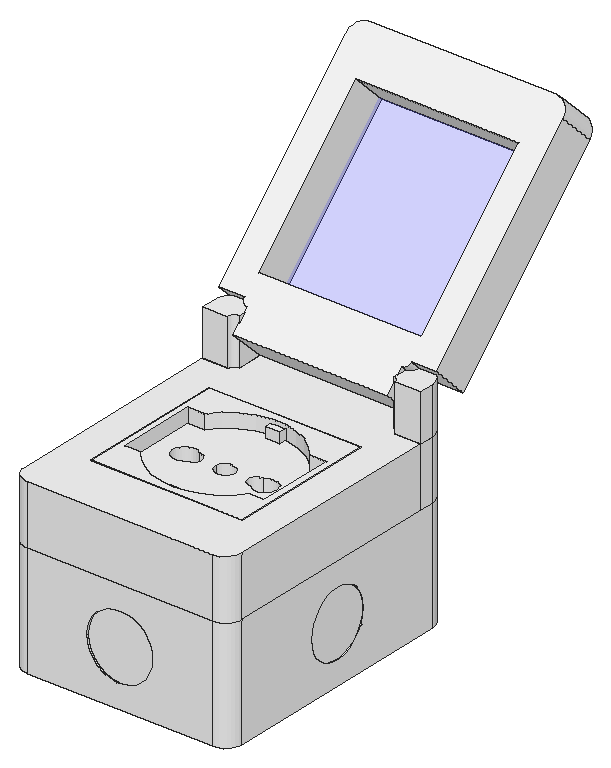
Revit family "Domotics-DomesticRanges-GEWISS-27COMBI_SYSTEM-IP55_SOCKET-OUTLET_ITA_DEU", category Apparecchi elettrici, host Superficie, Revit 2016 (continued)
Definition of nested family "SYSTEM CONTENITORI IP55 COMPL PRESE ITAGER_BASE"
  Automatic sketch dimensions
    plane 13 to Masking region 2 sketch curve = 0.996 mm  (x2)
    plane 7 to Masking region 2 sketch curve = 6.753 mm
    Masking region 2 sketch curve to plane 12 = 0.996 mm
    Masking region 2 sketch curve to Masking region 2 sketch curve = 2 mm  (x3)
    Masking region 2 sketch curve to plane 13 = 1.004 mm
    Masking region 2 sketch curve to Masking region 2 sketch curve = 0 mm
    plane 12 to Masking region 2 sketch curve = 1.004 mm
    plane 4 to Masking region 2 sketch curve = 5 mm
    Masking region 2 sketch curve to plane 3 "Centro (Sinistra/Destra)" = 23 mm
    plane 3 "Centro (Sinistra/Destra)" to Masking region 2 sketch curve = 23 mm
    Masking region 2 sketch curve to plane 5 = 5 mm
    Masking region 3 sketch curve to Masking region 3 sketch curve = 0 mm  (x12)
    Masking region 3 sketch curve to plane 6 "1" = 0 mm  (x2)
    Masking region 3 sketch curve to plane 4 = 0 mm
    Masking region 3 sketch curve to plane 5 = 0 mm
    Masking region 3 sketch curve to plane 6 "1" = 5 mm
    Masking region 3 sketch curve to plane 5 = 5 mm
    Masking region 3 sketch curve to plane 12 = 0.414 mm
    Masking region 3 sketch curve to Masking region 3 sketch curve = 2.585 mm  (x2)
    plane 13 to Masking region 3 sketch curve = 0.414 mm
    Masking region 3 sketch curve to Masking region 3 sketch curve = 0.587 mm
    Masking region 3 sketch curve to Masking region 3 sketch curve = 1.303 mm
    Masking region 3 sketch curve to Masking region 3 sketch curve = 4.475 mm
    Masking region 3 sketch curve to plane 14 = 3.357 mm
    Masking region 3 sketch curve to Masking region 3 sketch curve = 2 mm
    radius of Extrusion 12 sketch curve = 16 mm
    radius of Extrusion 13 sketch curve = 13 mm
    radius of Extrusion 14 sketch curve = 10 mm
    radius of Extrusion 15 sketch curve = 3 mm
    radius of Extrusion 17 sketch curve = 10 mm
    radius of Extrusion 18 sketch curve = 10 mm
    radius of Extrusion 19 sketch curve = 11.5 mm
    radius of Extrusion 20 sketch curve = 10 mm
    radius of curve 103 = 2.942 mm
    radius of Masking region 1 sketch curve = 2 mm  (x2)
    radius of Masking region 2 sketch curve = 2 mm  (x2)
    radius of Masking region 3 sketch curve = 2 mm
Definition of nested family "SYSTEM PRESE ITAGER P17-30 16A_BASE"
  Parameters (values of type "GW20246 - PRESA 2P+T 16A BIV.ST.ITALIANO/TED.SY/WT")
    Struttura = none
    Pulsante = none
    Profondità supporto = 28.04 mm
    Profondità presa = 36.7 mm
    Larghezza presa = 46 mm
    Distanza simbolo = 30 mm
    Bidimensionale = 44.7 mm
    Altezza simbolo = 30 mm
    Altezza presa = 45 mm
  Types (4): name
    GW20246 - PRESA 2P+T 16A BIV.ST.ITALIANO/TED.SY/WT
    GW20296 - PRESA 2P+T 16A BIV.ST.ITALIANO/TED.RED
    GW20282 - PRESA 2P+T 16A BIV.ST.ITALIANO/TED.GREEN
    GW20287 - PRESA 2P+T 16A BIV.ST.ITALIANO/TED.ORANGE
  Reference planes
    plane 1 "Centro (Fronte/Retro)": y = 0
    plane 2: z = 0
    plane 3 "Centro (Sinistra/Destra)": x = 0
    plane 4: x = -23
    plane 5: x = 23
    plane 6: y = 22.5
    plane 7: y = -22.5
    plane 8 "PIANO BIDIMENSIONALE": z = 44.7
    plane 9: z = 28.04
    plane 10: z = 36.7
    plane 11: z = 32.37
  Forms (mm)
    Extrusion 1, solid, material <- "Struttura", detail levels medium+fine
      sketch origin (0, 0, 0) x (0, 1, 0) y (0, 0, 1)
        loop
          line (22.5, 0.5) -> (22.5, 28.04) -> (-22.5, 28.04) -> (-22.5, 0.5)
          arc (-22.5, 0.5) -> (-22.354, 0.146) -> (-22, 0) r 0.5
          line (-22, 0) -> (22, 0)
          arc (22, 0) -> (22.354, 0.146) -> (22.5, 0.5) r 0.5
      from -23 to 23
    Extrusion 2, solid, material <- "Pulsante", detail levels medium+fine
      sketch origin (0, 0, 0) x (0, 1, 0) y (0, 0, 1)
        loop
          line (-22.5, 28.04) -> (22.5, 28.04) -> (22.5, 32.37) -> (-22.5, 32.37) -> (-22.5, 28.04)
      from -23 to 23
    Extrusion 3, void, detail levels medium+fine
      sketch origin (0, 0, 44.7) x (-1, 0, 0) y (0, -1, 0)
        loop
          arc (9.662, 2.712) -> (7.04, 0.143) -> (9.805, -2.27) r 2.5
          arc (9.805, -2.27) -> (15.774, 0.395) -> (9.662, 2.712) r 3.536
        loop
          circle (-0.006, 0.137) r 2.942
        loop
          arc (-9.805, -2.27) -> (-7.04, 0.143) -> (-9.662, 2.712) r 2.5
          arc (-9.662, 2.712) -> (-15.774, 0.395) -> (-9.805, -2.27) r 3.536
      from -16.66 to -12.33
    Extrusion 4, solid, material <- "Pulsante", detail levels medium+fine
      sketch origin (0, 0, 44.7) x (-1, 0, 0) y (0, -1, 0)
        loop
          line (23, -22.5) -> (23, 22.5) -> (-23, 22.5) -> (-23, -22.5) -> (23, -22.5)
        loop
          arc (16.493, 11.913) -> (0, 20.345) -> (-16.493, 11.913) r 20.345
          line (-16.493, 11.913) -> (-20.961, 11.913) -> (-20.961, -11.913) -> (-16.013, -11.913)
          arc (-16.013, -11.913) -> (0, -19.959) -> (16.013, -11.913) r 19.959
          line (16.013, -11.913) -> (20.961, -11.913) -> (20.961, 11.913) -> (16.493, 11.913)
      from -12.33 to -8
    Extrusion 5, solid, material <- "Pulsante", detail levels medium+fine
      sketch origin (0, 0, 44.7) x (-1, 0, 0) y (0, -1, 0)
        loop
          line (-2.211, -17.826) -> (-2.211, -19.836)
          arc (-2.211, -19.836) -> (0, -19.959) -> (2.211, -19.836) r 19.959
          line (2.211, -19.836) -> (2.211, -17.826) -> (-2.211, -17.826)
        loop
          arc (2.211, 20.225) -> (0, 20.345) -> (-2.211, 20.225) r 20.345
          line (-2.211, 20.225) -> (-2.211, 18.215) -> (2.211, 18.215) -> (2.211, 20.225)
      from -12.33 to -9.263
  Cuts and joins
    Extrusion 3 cuts Extrusion 2
    joined: Extrusion 2, Extrusion 4, Extrusion 5
  Lines and regions (mm)
    model lines, not visible, detail levels coarse
      curve 1: line (-23, 22.5, -20.04) -> (23, 22.5, -20.04)
      curve 2: line (-23, -22.5, -20.04) -> (-23, 22.5, -20.04)
      curve 3: line (23, -22.5, -20.04) -> (-23, -22.5, -20.04)
      curve 4: line (23, 22.5, -20.04) -> (23, -22.5, -20.04)
      curve 5: line (20.961, -11.913, -20.04) -> (20.961, 11.913, -20.04)
      curve 6: line (20.961, 11.913, -20.04) -> (16.013, 11.913, -20.04)
      curve 7: arc (16.013, 11.913, -20.04) -> (0, 19.959, -20.04) -> (-16.013, 11.913, -20.04) r 19.959
      curve 8: line (-20.961, 11.913, -20.04) -> (-16.013, 11.913, -20.04)
      curve 9: line (-20.961, -11.913, -20.04) -> (-20.961, 11.913, -20.04)
      curve 10: line (-16.493, -11.913, -20.04) -> (-20.961, -11.913, -20.04)
      curve 11: arc (-16.493, -11.913, -20.04) -> (0, -20.345, -20.04) -> (16.493, -11.913, -20.04) r 20.345
      curve 12: line (16.493, -11.913, -20.04) -> (20.961, -11.913, -20.04)
      curve 13: line (2.211, -20.225, -20.04) -> (2.211, -18.215, -20.04)
      curve 14: line (-2.211, -20.225, -20.04) -> (-2.211, -18.215, -20.04)
      curve 15: line (2.211, -18.215, -20.04) -> (-2.211, -18.215, -20.04)
      curve 16: line (-2.211, 19.836, -20.04) -> (-2.211, 17.826, -20.04)
      curve 17: line (2.211, 19.836, -20.04) -> (2.211, 17.826, -20.04)
      curve 18: line (2.211, 17.826, -20.04) -> (-2.211, 17.826, -20.04)
      curve 19: circle (0.006, -0.137, -20.04) r 2.942 normal (0, 0, 1)
      curve 20: arc (-9.662, -2.712, -20.04) -> (-7.04, -0.143, -20.04) -> (-9.805, 2.27, -20.04) r 2.5
      curve 21: arc (-9.805, 2.27, -20.04) -> (-15.774, -0.395, -20.04) -> (-9.662, -2.712, -20.04) r 3.536
      curve 22: arc (9.805, 2.27, -20.04) -> (7.04, -0.143, -20.04) -> (9.662, -2.712, -20.04) r 2.5
      curve 23: arc (9.662, -2.712, -20.04) -> (15.774, -0.395, -20.04) -> (9.805, 2.27, -20.04) r 3.536
  Dimensions and locks
    equal spacing: plane 4, plane 3 "Centro (Sinistra/Destra)", plane 5
    "Larghezza presa": plane 4 to plane 5
    equal spacing: plane 6, plane 1 "Centro (Fronte/Retro)", plane 7
    "Altezza presa": plane 6 to plane 7
    "Bidimensionale": plane 8 "PIANO BIDIMENSIONALE" to plane 2
    "Profondità presa": plane 10 to plane 2
    equal spacing: plane 10, plane 11, plane 9
    aligned and locked: level to plane 2
    aligned and locked: Extrusion 1 to Extrusion 2  (x2)
    aligned and locked: Extrusion 2 sketch curve to Extrusion 1
    aligned and locked: plane 9 to Extrusion 1
    aligned and locked: Extrusion 3 to Extrusion 1
    aligned and locked: Extrusion 2 to plane 4
    aligned and locked: plane 5 to Extrusion 2
    aligned and locked: Extrusion 4 sketch curve to Extrusion 1
    aligned and locked: plane 11 to Extrusion 3
    aligned and locked: Extrusion 2 to Extrusion 3
    aligned and locked: Extrusion 4 to Extrusion 2
    aligned and locked: plane 10 to Extrusion 4
    aligned and locked: Extrusion 5 to Extrusion 2
  Automatic sketch dimensions
    Extrusion 1 sketch curve to level = 0 mm
    level to Extrusion 1 sketch curve = 0.5 mm
    plane 7 to Extrusion 1 sketch curve = 0 mm
    Extrusion 1 sketch curve to Extrusion 1 sketch curve = 0.5 mm
    Extrusion 1 sketch curve to plane 8 "PIANO BIDIMENSIONALE" = 16.66 mm
    Extrusion 2 sketch curve to plane 6 = 0 mm
    Extrusion 1 sketch curve to plane 6 = 0 mm
    curve 7 to curve 11 = 0 mm  (x4)
    curve 3 to curve 5 = 2.039 mm
    curve 5 to curve 12 = 4.468 mm
    curve 5 to curve 6 = 4.947 mm
    curve 11 to curve 23 = 4.253 mm
    curve 7 to curve 18 = 13.803 mm
    curve 12 to curve 13 = 14.282 mm
    curve 22 to curve 19 = 9.533 mm
    curve 19 to curve 11 = 0.006 mm
    curve 13 to curve 14 = 4.421 mm
    curve 17 to curve 18 = 4.421 mm
    curve 7 to curve 20 = 9.539 mm
    curve 20 to curve 21 = 2.701 mm
    curve 21 to curve 8 = 3.774 mm
    curve 21 to curve 10 = 4.253 mm
    curve 7 to curve 9 = 4.947 mm
    curve 9 to curve 2 = 2.039 mm
    curve 1 to curve 18 = 4.674 mm
    curve 1 to curve 6 = 10.587 mm
    curve 16 to curve 7 = 17.826 mm
    curve 7 to curve 19 = 0.137 mm
    curve 19 to curve 22 = 0.079 mm
    curve 7 to curve 20 = 0.215 mm
    curve 22 to curve 23 = 0.078 mm
    curve 20 to curve 21 = 0.078 mm
    curve 21 to curve 9 = 11.62 mm
    curve 13 to curve 13 = 2.01 mm
    curve 9 to curve 3 = 10.587 mm
    curve 22 to curve 22 = 0.266 mm
    curve 23 to curve 22 = 0.122 mm
    curve 20 to curve 21 = 0.122 mm
    curve 20 to curve 21 = 0.266 mm
    curve 22 to curve 22 = 2.486 mm
    plane 1 "Centro (Fronte/Retro)" to Extrusion 3 sketch curve = 0.215 mm  (x2)
    Extrusion 3 sketch curve to plane 3 "Centro (Sinistra/Destra)" = 9.539 mm
    plane 1 "Centro (Fronte/Retro)" to Extrusion 3 sketch curve = 0.293 mm  (x2)
    Extrusion 3 sketch curve to Extrusion 3 sketch curve = 2.701 mm  (x2)
    Extrusion 3 sketch curve to Extrusion 3 sketch curve = 0.122 mm  (x2)
    Extrusion 3 sketch curve to plane 1 "Centro (Fronte/Retro)" = 2.27 mm  (x2)
    plane 3 "Centro (Sinistra/Destra)" to Extrusion 3 sketch curve = 0.006 mm
    Extrusion 3 sketch curve to Extrusion 3 sketch curve = 9.533 mm
    plane 1 "Centro (Fronte/Retro)" to Extrusion 3 sketch curve = 0.137 mm
    Extrusion 2 sketch curve to plane 7 = 0 mm
    Extrusion 2 sketch curve to plane 8 "PIANO BIDIMENSIONALE" = 12.33 mm
    plane 4 to Extrusion 4 sketch curve = 2.039 mm
    plane 7 to Extrusion 4 sketch curve = 10.587 mm  (x2)
    Extrusion 4 sketch curve to Extrusion 4 sketch curve = 4.468 mm  (x2)
    Extrusion 4 sketch curve to plane 6 = 10.587 mm
    Extrusion 4 sketch curve to Extrusion 4 sketch curve = 4.947 mm
    plane 1 "Centro (Fronte/Retro)" to Extrusion 4 sketch curve = 0 mm
    Extrusion 4 sketch curve to plane 3 "Centro (Sinistra/Destra)" = 0 mm
    Extrusion 4 sketch curve to plane 5 = 6.987 mm
    Extrusion 4 sketch curve to plane 5 = 2.039 mm
    Extrusion 4 sketch curve to Extrusion 4 sketch curve = 0 mm
    Extrusion 5 sketch curve to plane 3 "Centro (Sinistra/Destra)" = 2.211 mm  (x2)
    Extrusion 5 sketch curve to plane 6 = 4.674 mm
    Extrusion 5 sketch curve to Extrusion 5 sketch curve = 2.01 mm  (x4)
    plane 1 "Centro (Fronte/Retro)" to Extrusion 5 sketch curve = 0 mm
    Extrusion 5 sketch curve to plane 3 "Centro (Sinistra/Destra)" = 0 mm
    plane 7 to Extrusion 5 sketch curve = 4.285 mm
    Extrusion 5 sketch curve to Extrusion 5 sketch curve = 0 mm  (x2)
    Extrusion 4 sketch curve to plane 5 = 0 mm
    Extrusion 4 sketch curve to plane 6 = 0 mm
    Extrusion 4 sketch curve to plane 7 = 0 mm
    radius of curve 19 = 2.942 mm
    radius of Extrusion 3 sketch curve = 2.942 mm
Definition of nested family "SIMBOLO PRESE"
  Parameters (values of type "PRESA")
    TESTO ELETTRICO [instance] = "TXT"
    Simbolo = SIMBOLO PRESE_BASE : PRESA
    SIMBOLO [instance] = yes
    Distanza dal muro [instance] = 4.208 mm
    BORDO ACCESO [instance] = yes
  Reference planes
    plane 1: y = 0
    plane 2: x = 0
  Dimensions and locks
    "Distanza dal muro": plane 1 to nested 1
  Nested families
    nested 1: "SIMBOLO PRESE_BASE" at (0, 4.208, 0), type <- "Simbolo", TESTO ELETTRICO <- "TESTO ELETTRICO", BORDO ACCESO <- "BORDO ACCESO", visible <- "SIMBOLO", type "PRESA"
      with TESTO ELETTRICO "TXT", BORDO ACCESO yes
  Definition of nested family "SIMBOLO PRESE_BASE"
    Parameters (values of type "PRESA")
      TESTO ELETTRICO [instance] = "TXT"
      Distanza dal muro = 4.208 mm
      BORDO ACCESO [instance] = yes
    Reference planes
      plane 1: y = 0
      plane 2: x = 0
    Lines and regions (mm)
      detail lines, visible <- "BORDO ACCESO"
        curve 1: line (-1, 2.5, 0) -> (1, 2.5, 0)
        curve 2: line (1, 2.5, 0) -> (1, 0, 0)
        curve 3: line (1, 0, 0) -> (-1, 0, 0)
        curve 4: line (-1, 0, 0) -> (-1, 2.5, 0)
        curve 5: line (-0.9, 2.4, 0) -> (0.9, 2.4, 0)
        curve 6: line (0.9, 2.4, 0) -> (0.9, 0.1, 0)
        curve 7: line (0.9, 0.1, 0) -> (-0.9, 0.1, 0)
        curve 8: line (-0.9, 0.1, 0) -> (-0.9, 2.4, 0)
      detail lines, visible <- "BORDO ACCESO", not visible
        curve 9: line (-1.743, 9.208, 0) -> (2.057, 9.208, 0)
        curve 10: line (2.057, 9.208, 0) -> (2.057, 4.208, 0)
        curve 11: line (2.057, 4.208, 0) -> (-1.743, 4.208, 0)
        curve 12: line (-1.743, 4.208, 0) -> (-1.743, 9.208, 0)
        curve 13: line (-1.543, 9.008, 0) -> (1.857, 9.008, 0)
        curve 14: line (1.857, 9.008, 0) -> (1.857, 4.408, 0)
        curve 15: line (1.857, 4.408, 0) -> (-1.543, 4.408, 0)
        curve 16: line (-1.543, 4.408, 0) -> (-1.543, 9.008, 0)
      detail lines
        curve 17: line (0.783, 1.133, 0) -> (-0.783, 1.133, 0)
        curve 18: line (0, 1.133, 0) -> (0, 0.349, 0)
        curve 19: arc (-0.783, 1.916, 0) -> (0, 1.133, 0) -> (0.783, 1.916, 0) r 0.783
    Text (mm)
      label "TXT" at (0.016, 1.578, 0), shows "TESTO ELETTRICO"
    Dimensions and locks
      aligned and locked: curve 3 to plane 1
